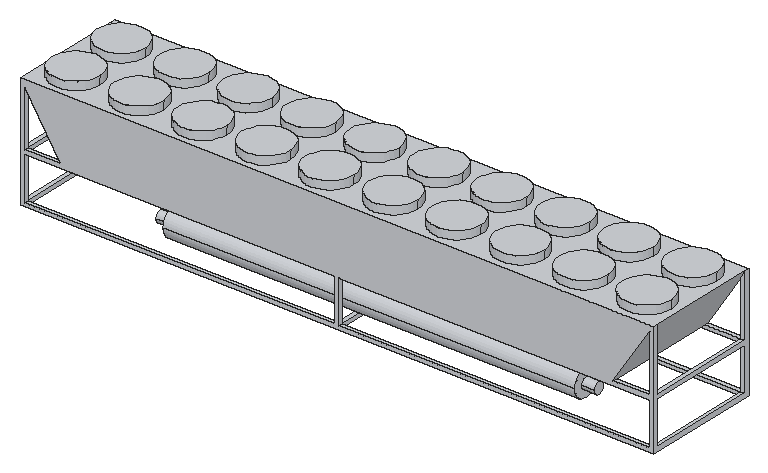
Revit family "M_Resfriador de ar de alta potência - Resfriado a ar - 1406-1758 kW", category Equipamento mecânico, Revit 2019
Family settings
  Cota do conector redondo = Usar raio
  Tipo de parte = Normal
  Número OmniClass = 23.75.10.24.21.21.21
  Título OmniClass = Rotary-Screw Water Chillers
  ID de item do Seek = Screw Chiller - Air Cooled - 1406-1758 kW-0000-CAN-ENU
  Com base no plano de trabalho = Não
  Sempre na vertical = Sim
  Corte com vazios quando carregada = Não
  Compartilhado = Não
  Ponto de cálculo do ambiente = Não
Parameters (values of type "1406 kW")
  Voltagem = 460 V
  Classificação de carga = Refrigeração
  Queda de pressão da água resfriada [instance] = 31095.0 Pa
  Número de pólos = 3
  Número de ventiladores = 20
  Comprimento 1 = 2685 mm
  Meio número de ventiladores = Número de ventiladores / 2  # 10
  Fluxo da drenagem [instance] = 0.0 L/s  # constant formula
  Raio do fornecimento de água resfriada = Diâmetro do fornecimento de água resfriada / 2  # 100 mm
  Diâmetro do fornecimento de água resfriada = 200 mm
  Raio do retorno de água resfriada = Diâmetro do retorno de água resfriada / 2  # 100 mm
  Diâmetro do retorno de água resfriada = 200 mm
  Fluxo da água resfriada [instance] = 58.0 L/s
  Capacidade fria [instance] = 1347944 W
  Material do resfriador = none
  Comprimento do resfriador = 11944 mm
  C4 Deslocamento 1 = 3848 mm
  C2 Deslocamento 3 = 1354 mm
  C1 Deslocamento 3 = 9625 mm
  C1 Deslocamento 2 = 455 mm
  C1 Deslocamento 1 = 1831 mm
  Carga aparente [instance] = 449400 VA
Types (3, lengths in mm): name | Queda de pressão da água resfriada | Número de ventiladores | Comprimento 1 | Meio número de ventiladores | Fluxo da água resfriada | Capacidade fria | Comprimento do resfriador | C4 Deslocamento 1 | C2 Deslocamento 3 | C1 Deslocamento 3 | C1 Deslocamento 1 | Carga aparente
  (no name) | 31095.0 Pa | 20 | 2685 | 10 | 58.0 L/s | 1347944 W | 11944 | 3848 | 1354 | 9625 | 1831 | 449400 VA
  1406 kW | 31095.0 Pa | 20 | 2685 | 10 | 58.0 L/s | 1347944 W | 11944 | 3848 | 1354 | 9625 | 1831 | 449400 VA
  1582-1758 kW | 35852.0 Pa | 22 | 3879 | 11 | 69.0 L/s | 1609333 W | 13138 | 5043 | 2124 | 10820 | 1854 | 549200 VA
Reference planes
  plane 1 "Centro (Frente/Trás)": y = 0
  plane 2: z = 0
  plane 3 "Centro (Esquerda/Direita)": x = 0
  plane 4: y = -2236.192
  plane 5: x = 11944
  plane 6: z = 2299.99
  plane 7: x = 5972
  plane 8: y = -76.2
  plane 9: x = 11867.8
  plane 10: y = -2159.992
  plane 11: x = 76.2
  plane 12: x = 5933.9
  plane 13: x = 6010.1
  plane 14: z = 76.2
  plane 15: z = 889
  plane 16: z = 965.2
  plane 17: z = 2147.59
  plane 18: x = 762
  plane 19: x = 11182
  plane 20: x = 5667.2
  plane 21: x = 6276.8
  plane 22: x = 7165.8
  plane 23: x = 4778.2
  plane 24: z = 455
  plane 25: y = -457.2
  plane 26: y = -1831
  plane 27: x = 10590
  plane 28: x = 10336
  plane 29: x = 2319
  plane 30: x = 2573
  plane 31: z = 127
  plane 32: x = 2685
  plane 33: x = 4463
  plane 34: x = 6596.6
  plane 35: x = 8628.6
  plane 36: y = -203.2
  plane 37: x = 2623.8
  plane 38: z = 175.88
  plane 39: x = 8096
  plane 40: z = 152.4
  plane 41: x = 584.2
  plane 42: y = -584.2
  plane 43: x = 11359.8
Forms (mm)
  Extrusion 1, solid, material <- "Material do resfriador"
    sketch origin (0, 0, 0) x (1, 0, 0) y (0, 1, 0)
      loop
        line (0, 0) -> (0, -2236.192) -> (11944, -2236.192) -> (11944, 0) -> (0, 0)
      loop
        line (76.2, -76.2) -> (76.2, -2159.992) -> (5933.9, -2159.992) -> (5933.9, -76.2) -> (76.2, -76.2)
      loop
        line (6010.1, -76.2) -> (6010.1, -2159.992) -> (11867.8, -2159.992) -> (11867.8, -76.2) -> (6010.1, -76.2)
    from 0 to 76.2
  Extrusion 2, solid, material <- "Material do resfriador"
    sketch origin (0, 0, 0) x (1, 0, 0) y (0, 1, 0)
      loop
        line (0, 0) -> (0, -2236.192) -> (11944, -2236.192) -> (11944, 0) -> (0, 0)
      loop
        line (76.2, -76.2) -> (76.2, -2159.992) -> (5933.9, -2159.992) -> (5933.9, -76.2) -> (76.2, -76.2)
      loop
        line (6010.1, -76.2) -> (6010.1, -2159.992) -> (11867.8, -2159.992) -> (11867.8, -76.2) -> (6010.1, -76.2)
    from 889 to 965.2
  Extrusion 3, solid, material <- "Material do resfriador"
    sketch origin (0, 0, 0) x (1, 0, 0) y (0, 1, 0)
      loop
        line (0, 0) -> (0, -76.2) -> (76.2, -76.2) -> (76.2, 0) -> (0, 0)
      loop
        line (0, -2159.992) -> (0, -2236.192) -> (76.2, -2236.192) -> (76.2, -2159.992) -> (0, -2159.992)
      loop
        line (5933.9, -2159.992) -> (5933.9, -2236.192) -> (6010.1, -2236.192) -> (6010.1, -2159.992) -> (5933.9, -2159.992)
      loop
        line (5933.9, 0) -> (5933.9, -76.2) -> (6010.1, -76.2) -> (6010.1, 0) -> (5933.9, 0)
      loop
        line (11867.8, 0) -> (11867.8, -76.2) -> (11944, -76.2) -> (11944, 0) -> (11867.8, 0)
      loop
        line (11867.8, -2159.992) -> (11867.8, -2236.192) -> (11944, -2236.192) -> (11944, -2159.992) -> (11867.8, -2159.992)
    from 0 to 2147.59
  Extrusion 4, solid, material <- "Material do resfriador"
    sketch origin (0, 0, 0) x (1, 0, 0) y (0, 0, 1)
      loop
        line (11944, 2147.59) -> (0, 2147.59) -> (762, 965.2) -> (11182, 965.2) -> (11944, 2147.59)
    from 0 to 2236.192
  Extrusion 5, solid, material <- "Material do resfriador"
    sketch origin (0, 0, 0) x (0, 1, 0) y (0, 0, 1)
      loop
        circle (-457.2, 455) r 203.2
    from 4778.2 to 5667.2
  Extrusion 6, solid, material <- "Material do resfriador"
    sketch origin (0, 0, 0) x (0, 1, 0) y (0, 0, 1)
      loop
        circle (-457.2, 455) r 203.2
    from 6276.8 to 7165.8
  Extrusion 7, solid, material <- "Material do resfriador"
    sketch origin (0, 0, 0) x (0, 1, 0) y (0, 0, 1)
      loop
        circle (-1831, 455) r 254
    from 2573 to 10336
  Extrusion 8, solid, material <- "Material do resfriador"
    sketch origin (0, 0, 0) x (0, 1, 0) y (0, 0, 1)
      loop
        circle (-1831, 455) r 100
    from 2319 to 2573
  Extrusion 9, solid, material <- "Material do resfriador"
    sketch origin (0, 0, 0) x (0, 1, 0) y (0, 0, 1)
      loop
        circle (-1831, 455) r 100
    from 10336 to 10590
  Extrusion 10, solid, material <- "Material do resfriador"
    sketch origin (0, 0, 0) x (1, 0, 0) y (0, 0, 1)
      loop
        line (2685, 889) -> (2685, 127) -> (4463, 127) -> (4463, 889) -> (2685, 889)
      loop
        line (6596.6, 889) -> (6596.6, 127) -> (8628.6, 127) -> (8628.6, 889) -> (6596.6, 889)
    from 0 to 203.2
  Extrusion 11, solid, material <- "Material do resfriador"
    sketch origin (0, 0, 0) x (1, 0, 0) y (0, 1, 0)
      loop
        circle (2623.8, -1831) r 4.763
    from 175.88 to 455
  Extrusion 12, solid, material <- "Material do resfriador"
    sketch origin (0, 0, 0) x (1, 0, 0) y (0, 0, 1)
      loop
        circle (8096, 152.4) r 12.7
    from 0 to 203.2
Cuts and joins
  joined: Extrusion 1, Extrusion 2, Extrusion 3, Extrusion 4, Extrusion 5, Extrusion 6, Extrusion 7, Extrusion 8, Extrusion 9, Extrusion 10, Extrusion 11, Extrusion 12
Dimensions and locks
  locked: plane 1 "Centro (Frente/Trás)" to plane 4 at 2236.192
  "Comprimento do resfriador": plane 5 to plane 3 "Centro (Esquerda/Direita)"
  locked: plane 6 to plane 2 at 2299.99
  equal spacing: plane 5, plane 7, plane 3 "Centro (Esquerda/Direita)"
  locked: plane 3 "Centro (Esquerda/Direita)" to plane 11 at 76.2
  locked: plane 1 "Centro (Frente/Trás)" to plane 8 at 76.2
  locked: plane 4 to plane 10 at 76.2
  locked: plane 9 to plane 5 at 76.2
  locked: plane 12 to plane 7 at 38.1
  locked: plane 7 to plane 13 at 38.1
  locked: plane 14 to plane 2 at 76.2
  locked: plane 15 to plane 2 at 889
  locked: plane 6 to plane 17 at 152.4
  locked: plane 16 to plane 15 at 76.2
  locked: plane 18 to plane 3 "Centro (Esquerda/Direita)" at 762
  locked: plane 5 to plane 19 at 762
  locked: plane 7 to plane 20 at 304.8
  locked: plane 21 to plane 7 at 304.8
  locked: plane 22 to plane 21 at 889
  locked: plane 20 to plane 23 at 889
  "C1 Deslocamento 2": plane 24 to plane 2
  locked: plane 25 to plane 8 at 381
  "C1 Deslocamento 1": plane 26 to plane 1 "Centro (Frente/Trás)"
  "C2 Deslocamento 3": plane 27 to plane 5
  locked: plane 28 to plane 27 at 254
  "C1 Deslocamento 3": plane 29 to plane 5
  locked: plane 29 to plane 30 at 254
  locked: plane 31 to plane 14 at 50.8
  "Comprimento 1": plane 32 to plane 3 "Centro (Esquerda/Direita)"
  locked: plane 33 to plane 32 at 1778
  locked: plane 34 to plane 33 at 2133.6
  locked: plane 35 to plane 34 at 2032
  locked: plane 1 "Centro (Frente/Trás)" to plane 36 at 203.2
  locked: plane 30 to plane 37 at 50.8
  locked: plane 24 to plane 38 at 279.12
  "C4 Deslocamento 1": plane 5 to plane 39
  locked: plane 40 to plane 14 at 76.2
  locked: plane 3 "Centro (Esquerda/Direita)" to plane 41 at 584.2
  locked: plane 1 "Centro (Frente/Trás)" to plane 42 at 584.2
  locked: plane 43 to plane 5 at 584.2
  equal spacing: group 1, group 3, group 4, group 5, group 6, group 7, group 8, group 9, group 10, group 2  (x3)
  radius of Extrusion 5 sketch curve = 203.2 mm
  radius of Extrusion 6 sketch curve = 203.2 mm
  radius of Extrusion 7 sketch curve = 254 mm
  "Raio do fornecimento de água resfriada": radius of Extrusion 8 sketch curve
  "Raio do retorno de água resfriada": radius of Extrusion 9 sketch curve
  radius of Extrusion 11 sketch curve = 4.763 mm
  radius of Extrusion 12 sketch curve = 12.7 mm
  aligned and locked: plane 4 to Extrusion 1 sketch curve
  aligned and locked: plane 3 "Centro (Esquerda/Direita)" to Extrusion 1 sketch curve
  aligned and locked: plane 1 "Centro (Frente/Trás)" to Extrusion 1 sketch curve
  aligned and locked: Extrusion 1 sketch curve to plane 5
  aligned and locked: Extrusion 1 sketch curve to plane 8  (x2)
  aligned and locked: plane 13 to Extrusion 1 sketch curve
  aligned and locked: Extrusion 1 sketch curve to plane 10  (x2)
  aligned and locked: Extrusion 1 sketch curve to plane 9
  aligned and locked: Extrusion 1 sketch curve to plane 12
  aligned and locked: plane 11 to Extrusion 1 sketch curve
  aligned and locked: Extrusion 1 to plane 2
  aligned and locked: plane 14 to Extrusion 1
  aligned and locked: plane 1 "Centro (Frente/Trás)" to Extrusion 2 sketch curve
  aligned and locked: Extrusion 2 sketch curve to plane 5
  aligned and locked: plane 4 to Extrusion 2 sketch curve
  aligned and locked: plane 3 "Centro (Esquerda/Direita)" to Extrusion 2 sketch curve
  aligned and locked: Extrusion 2 sketch curve to plane 8  (x2)
  aligned and locked: plane 11 to Extrusion 2 sketch curve
  aligned and locked: Extrusion 2 sketch curve to plane 12
  aligned and locked: plane 13 to Extrusion 2 sketch curve
  aligned and locked: Extrusion 2 sketch curve to plane 9
  aligned and locked: Extrusion 2 sketch curve to plane 10
  aligned and locked: Extrusion 2 to plane 15
  aligned and locked: plane 16 to Extrusion 2
  aligned and locked: plane 8 to Extrusion 3 sketch curve  (x3)
  aligned and locked: plane 1 "Centro (Frente/Trás)" to Extrusion 3 sketch curve  (x3)
  aligned and locked: Extrusion 3 sketch curve to plane 5  (x2)
  aligned and locked: plane 9 to Extrusion 3 sketch curve  (x2)
  aligned and locked: Extrusion 3 sketch curve to plane 13  (x2)
  aligned and locked: plane 12 to Extrusion 3 sketch curve  (x2)
  aligned and locked: Extrusion 3 sketch curve to plane 11  (x2)
  aligned and locked: plane 3 "Centro (Esquerda/Direita)" to Extrusion 3 sketch curve  (x2)
  aligned and locked: plane 4 to Extrusion 3 sketch curve  (x3)
  aligned and locked: plane 10 to Extrusion 3 sketch curve  (x3)
  aligned and locked: Extrusion 3 to plane 2
  aligned and locked: plane 17 to Extrusion 3
  aligned and locked: plane 16 to Extrusion 4 sketch curve  (x2)
  aligned and locked: plane 18 to Extrusion 4 sketch curve
  aligned and locked: plane 17 to Extrusion 4 sketch curve  (x2)
  aligned and locked: plane 5 to Extrusion 4 sketch curve
  aligned and locked: plane 3 "Centro (Esquerda/Direita)" to Extrusion 4 sketch curve
  aligned and locked: plane 19 to Extrusion 4 sketch curve
  aligned and locked: Extrusion 4 to plane 4
  aligned and locked: Extrusion 4 to plane 1 "Centro (Frente/Trás)"
  aligned and locked: plane 24 to Extrusion 5 sketch curve
  aligned and locked: plane 25 to Extrusion 5 sketch curve
  aligned and locked: plane 20 to Extrusion 5
  aligned and locked: Extrusion 5 to plane 23
  aligned and locked: plane 24 to Extrusion 6 sketch curve
  aligned and locked: plane 25 to Extrusion 6 sketch curve
  aligned and locked: plane 22 to Extrusion 6
  aligned and locked: Extrusion 6 to plane 21
  aligned and locked: plane 24 to Extrusion 7 sketch curve
  aligned and locked: plane 26 to Extrusion 7 sketch curve
  aligned and locked: plane 28 to Extrusion 7
  aligned and locked: Extrusion 7 to plane 30
  aligned and locked: plane 24 to Extrusion 8 sketch curve
  aligned and locked: plane 26 to Extrusion 8 sketch curve
  aligned and locked: plane 30 to Extrusion 8
  aligned and locked: Extrusion 8 to plane 29
  aligned and locked: plane 24 to Extrusion 9 sketch curve
  aligned and locked: plane 26 to Extrusion 9 sketch curve
  aligned and locked: plane 27 to Extrusion 9
  aligned and locked: Extrusion 9 to plane 28
  aligned and locked: Extrusion 10 sketch curve to plane 33
  aligned and locked: Extrusion 10 sketch curve to plane 15  (x2)
  aligned and locked: plane 32 to Extrusion 10 sketch curve
  aligned and locked: plane 31 to Extrusion 10 sketch curve  (x2)
  aligned and locked: Extrusion 10 sketch curve to plane 35
  aligned and locked: plane 34 to Extrusion 10 sketch curve
  aligned and locked: Extrusion 10 to plane 36
  aligned and locked: Extrusion 10 to plane 1 "Centro (Frente/Trás)"
  aligned and locked: plane 26 to Extrusion 11 sketch curve
  aligned and locked: plane 37 to Extrusion 11 sketch curve
  aligned and locked: plane 24 to Extrusion 11
  aligned and locked: Extrusion 11 to plane 38
  aligned and locked: plane 40 to Extrusion 12 sketch curve
  aligned and locked: plane 39 to Extrusion 12 sketch curve
  aligned and locked: Extrusion 12 to plane 1 "Centro (Frente/Trás)"
  aligned and locked: Extrusion 12 to plane 36
  aligned and locked: plane 42 to nested 1
  aligned and locked: plane 41 to nested 1
  aligned and locked: nested 1 to plane 17
  aligned and locked: plane 42 to nested 2
  aligned and locked: nested 2 to plane 43
Automatic sketch dimensions
  Extrusion 2 sketch curve to plane 10 = 0 mm
Nested families
  nested 1: "M_Resfriador de alta potência resfriado a ar de 400-500 toneladas_Ventilador" at (0, 0, 2147.59), type "M_Resfriador de alta potência resfriado a ar de 400-500 toneladas_Ventilador"
  nested 2: "M_Resfriador de alta potência resfriado a ar de 400-500 toneladas_Ventilador" at (10775.6, 0, 2147.59), type "M_Resfriador de alta potência resfriado a ar de 400-500 toneladas_Ventilador"
  nested 3: "M_Resfriador de alta potência resfriado a ar de 400-500 toneladas_Ventilador" at (1197.289, 0, 2147.59), type "M_Resfriador de alta potência resfriado a ar de 400-500 toneladas_Ventilador"
  nested 4: "M_Resfriador de alta potência resfriado a ar de 400-500 toneladas_Ventilador" at (2394.578, 0, 2147.59), type "M_Resfriador de alta potência resfriado a ar de 400-500 toneladas_Ventilador"
  nested 5: "M_Resfriador de alta potência resfriado a ar de 400-500 toneladas_Ventilador" at (3591.867, 0, 2147.59), type "M_Resfriador de alta potência resfriado a ar de 400-500 toneladas_Ventilador"
  nested 6: "M_Resfriador de alta potência resfriado a ar de 400-500 toneladas_Ventilador" at (4789.156, 0, 2147.59), type "M_Resfriador de alta potência resfriado a ar de 400-500 toneladas_Ventilador"
  nested 7: "M_Resfriador de alta potência resfriado a ar de 400-500 toneladas_Ventilador" at (5986.444, 0, 2147.59), type "M_Resfriador de alta potência resfriado a ar de 400-500 toneladas_Ventilador"
  nested 8: "M_Resfriador de alta potência resfriado a ar de 400-500 toneladas_Ventilador" at (7183.733, 0, 2147.59), type "M_Resfriador de alta potência resfriado a ar de 400-500 toneladas_Ventilador"
  nested 9: "M_Resfriador de alta potência resfriado a ar de 400-500 toneladas_Ventilador" at (8381.022, 0, 2147.59), type "M_Resfriador de alta potência resfriado a ar de 400-500 toneladas_Ventilador"
  nested 10: "M_Resfriador de alta potência resfriado a ar de 400-500 toneladas_Ventilador" at (9578.311, 0, 2147.59), type "M_Resfriador de alta potência resfriado a ar de 400-500 toneladas_Ventilador"
Connectors
  piping at (10590, -1831, 455), diameter 200, driven by "Fluxo da água resfriada", driven by "Raio do retorno de água resfriada"
    settings: on cut or joined group 1 (Extrusion 1, Extrusion 2, Extrusion 3, Extrusion 4, Extrusion 5, Extrusion 6, Extrusion 7, Extrusion 8, Extrusion 9, Extrusion 10, Extrusion 11, Extrusion 12), index 1, connector inside diameter 200 mm, connector length 0 mm, flow factor 0, pipe flow 58.0 L/s, pressure drop 0.0 Pa, fitting loss kfactor 0, connector angle 0.00°, fixture units 0, engagement length 0 mm, angle of deflection 0.00°, flow configuration 0, flow direction 1, fitting loss method 4, system type 8, joint type 0, gender type 0, connector reference index 2, connector utility 0, adjustable connector no, is connector primary yes, connector description "Entrada de água resfriada"
  piping at (2319, -1831, 455), diameter 200, driven by "Fluxo da água resfriada", driven by "Queda de pressão da água resfriada", driven by "Raio do fornecimento de água resfriada"
    settings: on cut or joined group 1, index 2, connector inside diameter 200 mm, connector length 0 mm, flow factor 0, pipe flow 58.0 L/s, pressure drop 31095.0 Pa, fitting loss kfactor 0, connector angle 0.00°, fixture units 0, engagement length 0 mm, angle of deflection 0.00°, flow configuration 0, flow direction 2, fitting loss method 4, system type 7, joint type 0, gender type 0, connector reference index 1, connector utility 0, adjustable connector no, is connector primary no, connector description "Saída de água resfriada"
  piping at (2623.8, -1831, 175.88), diameter 9.525
    settings: on cut or joined group 1, index 3, connector inside diameter 9.525 mm, connector length 0 mm, flow factor 0, pipe flow 0.0 L/s, pressure drop 0.0 Pa, fitting loss kfactor 0, connector angle 0.00°, fixture units 0, engagement length 0 mm, angle of deflection 0.00°, flow configuration 1, flow direction 2, fitting loss method 0, system type 16, joint type 0, gender type 0, connector reference index -1, connector utility 0, adjustable connector no, is connector primary no, connector description "Saída da drenagem"
  electrical at (8096, 0, 152.4), driven by "Voltagem", driven by "Número de pólos", driven by "Carga aparente", driven by "Classificação de carga"
    settings: on cut or joined group 1, index 4, voltage 460 V, apparent load 449400 VA, apparent load phase1 0 VA, apparent load phase2 0 VA, apparent load phase3 0 VA, power factor 0.8, load classification "Refrigeração", number of poles 3, system type 30, power factor state 1, is connector primary yes, connector utility no, sub classification motor no, connector description ""
Definition of nested family "M_Resfriador de alta potência resfriado a ar de 400-500 toneladas_Ventilador"
  Parameters
    Material do resfriador = none
    Assembly Code = ""
  Reference planes
    plane 1 "Centro (Frente/Trás)": y = 0
    plane 2: z = 0
    plane 3 "Centro (Esquerda/Direita)": x = 0
    plane 4: y = -2235.994
    plane 5: x = 584.2
    plane 6: y = -584.2
    plane 7: y = -1651.794
    plane 8: z = 152.4
  Forms (mm)
    Extrusion 1, solid, material <- "Material do resfriador"
      sketch origin (0, 0, 0) x (1, 0, 0) y (0, 1, 0)
        loop
          circle (584.2, -584.2) r 457.2
        loop
          circle (584.2, -1651.794) r 457.2
      from 0 to 152.4
  Dimensions and locks
    locked: plane 1 "Centro (Frente/Trás)" to plane 4 at 2235.994
    locked: plane 3 "Centro (Esquerda/Direita)" to plane 5 at 584.2
    locked: plane 1 "Centro (Frente/Trás)" to plane 6 at 584.2
    locked: plane 7 to plane 4 at 584.2
    locked: plane 8 to plane 2 at 152.4
    radius of Extrusion 1 sketch curve = 457.2 mm  (x2)
    aligned and locked: plane 6 to Extrusion 1 sketch curve
    aligned and locked: plane 5 to Extrusion 1 sketch curve  (x2)
    aligned and locked: plane 7 to Extrusion 1 sketch curve
    aligned and locked: Extrusion 1 to plane 2
    aligned and locked: plane 8 to Extrusion 1
